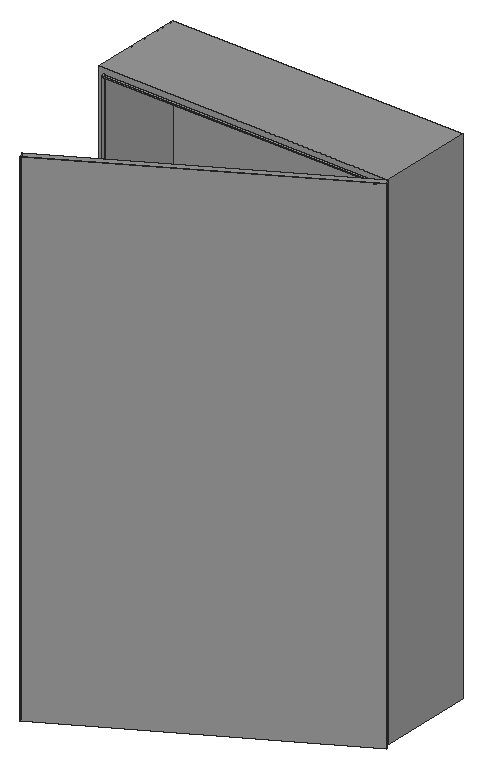
Revit family "Hager-Univers-IP55-D275-H1400-Cl.II-Steel_encl-NoHosted-SE-en", category Equipement électrique, Revit 2020
Family settings
  Configuration du panneau = Deux colonnes, circuits au sein
  Cote de connecteur circulaire = Utiliser le diamètre
  Type d'élément = Tableau de raccordement
  Basée sur le plan de construction = Oui
  Toujours verticalement = Oui
  Couper avec des vides une fois chargée = Non
  Partagée = Non
  Point de calcul de pièce = Non
Parameters (values of type "Surface mounted (plaster) IP55 W800 H1400 D275  - FR93S")
  Width Control [instance] = if([EF000008 - Width] > Min Width, [EF000008 - Width], Min Width)  # 800 mm
  Commentaires du type = [HG000003 - Range]  # "Univers"
  Thickness Door [instance] = if([EF009171 - Material plate thickness door/cover] > 3 mm, 3 mm, [EF009171 - Material plate thickness door/cover])  # 1.5 mm
  Seal Frame Offset [instance] = 17 mm  # constant formula
  Plinth Visibility [instance] = [HG000027 - Plinth height] > 0 mm  # no
  Min Width [instance] = 100 mm  # constant formula
  Min Depth [instance] = (2 * [EF009170 - Material plate thickness cabinet]) + 1 mm  # 4 mm
  Min Height [instance] = 100 mm  # constant formula
  Internal Frame Depth [instance] = (Door System Depth * 0.5)  # 9 mm
  Panel Name [instance] = ""  # (empty or 0)
  Model = ""
  HG000027 - Plinth height = 0 mm
  HG000026 - Floor standing = no
  HG000024 - Bottom section height = 600 mm
  HG000023 - Double section enclosure = no
  HG000016 - Door 3d visibility [instance] = yes
  HG000015 - Clearance visibility [instance] = no
  HG000014 - Door on the right [instance] = yes
  HG000013 - Door on the left [instance] = not([HG000014 - Door on the right])  # no
  HG000012 - Door swing angle [instance] = 30.00°
  HG000010 - Asymmetric doors = no
  HG000009 - Double swing door = no
  HG000006 - Flush mounted = no
  HG000004 - Manufacturer reference = "FR93S"
  HG000003 - Range = "Univers"
  HG000002 - With door or cover = yes
  Frame Offset Bottom [instance] = 10 mm  # constant formula
  Frame Offset [instance] = 15 mm  # constant formula
  EF015940 - Cover with overpressure release = no
  EF011959 - Degree of protection (NEMA) = ""
  EF009554 - Number of openings for flange plates = 6
  EF009212 - Cover model = "EV000116 - Closed"
  EF009171 - Material plate thickness door/cover = 1.5 mm
  EF009170 - Material plate thickness cabinet = 1.5 mm
  EF008873 - Nominal current (In) = 800 A
  EF007800 - Suitable for lightning protection = no
  EF006306 - With lock = no
  EF006244 - Transparent cover/door = no
  EF005474 - Degree of protection (IP) = "EV006420 - IP55"
  EF004464 - Type of door = "EV002646 - Single"
  EF004427 - Number of modules = 324
  EF004293 - Impact strength = "EV008784 - IK10"
  EF003532 - Suitable for outdoor use = no
  EF002950 - Width in number of modular spacings = 24
  EF001613 - Circuit integrity = "EV000494 - None"
  EF001596 - Material housing = "EV000179 - Steel"
  EF001131 - Internal depth = 275 mm
  EF001088 - Extension possible = yes
  EF000437 - Number of conduit inlets = 6
  EF000339 - Type of cover = "EV004216 - Door"
  EF000266 - Number of rows = 9
  EF000218 - Built-in depth = 0 mm
  EF000118 - With mounting plate = no
  EF000116 - RAL-number = "7035"
  EF000049 - Depth = 275 mm
  EF000040 - Height = 1400 mm
  EF000008 - Width = 800 mm
  EF000007 - Colour = "EV000270 - Grey"
  EF000003 - Mounting method = "EV000384 - Surface mounted (plaster)"
  Door System Leaf Tolerance [instance] = 1.5 mm  # constant formula
  Door System Depth [instance] = 18 mm  # constant formula
  Door Height [instance] = Height Control - [HG000027 - Plinth height]  # 1400 mm
  Description = ""
  Default Elevation = 1219.2 mm
  Connector Offset [instance] = Height Control / 2  # 700 mm
  Fabricant = "Hager"  # constant formula
  Height Control [instance] = if([EF000040 - Height] > Min Height, [EF000040 - Height], Min Height)  # 1400 mm
  Depth Control [instance] = if([EF000049 - Depth] > Min Depth, [EF000049 - Depth], Min Depth)  # 275 mm
  Bottom Top Plate Trim [instance] = 1.5 mm  # constant formula
  Plinth height Ctrl [instance] = if([HG000027 - Plinth height] > 0 mm, [HG000027 - Plinth height], 12 mm)  # 12 mm
Types (5, lengths in mm): name | Width Control | HG000010 - Asymmetric doors | HG000009 - Double swing door | HG000004 - Manufacturer reference | EF009554 - Number of openings for flange plates | EF004464 - Type of door | EF004427 - Number of modules | EF000437 - Number of conduit inlets | EF000008 - Width
  Surface mounted (plaster) IP55 W1050 H1400 D275  - FR94S | 1050 | no | yes | "FR94S" | 8 | "EV003602 - Double" | 432 | 8 | 1050
  Surface mounted (plaster) IP55 W1300 H1400 D275  - FR95S | 1300 | yes | yes | "FR95S" | 10 | "EV003602 - Double" | 540 | 10 | 1300
  Surface mounted (plaster) IP55 W300 H1400 D275  - FR91S | 300 | no | no | "FR91S" | 2 | "EV002646 - Single" | 108 | 2 | 300
  Surface mounted (plaster) IP55 W550 H1400 D275  - FR92S | 550 | no | no | "FR92S" | 4 | "EV002646 - Single" | 216 | 4 | 550
  Surface mounted (plaster) IP55 W800 H1400 D275  - FR93S | 800 | no | no | "FR93S" | 6 | "EV002646 - Single" | 324 | 6 | 800
Reference planes
  plane 1 "Center (Front/Back)": y = 0
  plane 2: z = 0
  plane 3 "Center (Left/Right)": x = 0
  plane 4: y = 0
  plane 5: y = 0
  plane 6: z = 0
  plane 7: x = -400
  plane 8: x = 400
  plane 9: x = 398.5
  plane 10: x = -398.5
  plane 11: z = 0
  plane 12: z = 1.5
  plane 13: y = -275
  plane 14: y = -1.5
  plane 15: x = 0
  plane 16: y = -257
  plane 17: y = -273.5
  plane 18: y = -255.5
  plane 19: x = -383.5
  plane 20: x = 383.5
  plane 21: z = 11.5
  plane 22: x = -383
  plane 23: x = 383
  plane 24: z = 0
  plane 25: z = 1400
  plane 26: z = 1400
  plane 27: z = 1383.5
  plane 28: z = 1398.5
Forms (mm)
  Extrusion 1, solid, material "Hager_Steel_RAL7035_Light_Grey", detail levels medium+fine
    sketch origin (-208.679, -4572, 0) x (-1, 0, 0) y (0, -1, 0)
      loop
        line (191.321, -4315) -> (-608.679, -4315) -> (-608.679, -4572) -> (191.321, -4572) -> (191.321, -4315)
    from 0 to 1400
  Extrusion 2, void
    sketch origin (-350.771, -275, 1219.2) x (1, 0, 0) y (0, 0, 1)
      loop
        line (-47.729, 179.3) -> (-47.729, -1217.7) -> (749.271, -1217.7) -> (749.271, 179.3) -> (-47.729, 179.3)
    from -19.5 to -273.5
  Extrusion 3, void
    sketch origin (-290.084, -257, 1219.2) x (1, 0, 0) y (0, 0, 1)
      loop
        line (-93.416, -1207.7) -> (673.584, -1207.7) -> (673.584, 164.3) -> (-93.416, 164.3) -> (-93.416, -1207.7)
    from 0 to -1.5
  Extrusion 4, solid, material "Hager_Steel_RAL7035_Light_Grey", visible <- "Plinth Visibility", detail levels medium+fine
    sketch origin (0, 0, 0) x (1, 0, 0) y (0, 1, 0)
      loop
        line (-400, 0) -> (-400, -257) -> (400, -257) -> (400, 0) -> (-400, 0)
    from 0 to 12 <- "Plinth height Ctrl"
  Extrusion 5, solid, material "Hager_Steel_RAL7035_Light_Grey", detail levels coarse
    sketch origin (0, 0, 0) x (1, 0, 0) y (0, 1, 0)
      loop
        line (-400, 0) -> (-400, -275) -> (400, -275) -> (400, 0) -> (-400, 0)
    from 0 to 1400 <- "Height Control"
  Sweep 6, void
    path in 3D
      loop
        line (-400, -257, 12) -> (400, -257, 12) -> (400, 0, 12) -> (-400, 0, 12) -> (-400, -257, 12)
    profile origin (-400, -128.5, 12) x (1, 0, 0) y (0, 0, 1)
      loop
        line (0, 0) -> (0, -1.5) -> (1.5, -1.5)
        arc (1.5, -1.5) -> (1.061, -0.439) -> (0, 0) r 1.5
  Extrusion 7, solid, material "Hager_Steel_RAL7035_Light_Grey", detail levels fine
    sketch origin (-400, -257, 0) x (1, 0, 0) y (0, 0, 1)
      loop
        line (16.5, 11.5) -> (783.5, 11.5) -> (783.5, 1383.5) -> (16.5, 1383.5) -> (16.5, 11.5)
      loop
        line (15, 10) -> (785, 10) -> (785, 1385) -> (15, 1385) -> (15, 10)
    from 0 to 9 <- "Internal Frame Depth"
Cuts and joins
  Extrusion 2, Extrusion 3 cuts Extrusion 1
  Sweep 6 cuts Extrusion 4
Lines and regions (mm)
  Masking region 1
    outline origin (0, 0, 0) x (1, 0, 0) y (0, 1, 0)
      loop
        line (-400, 0) -> (-400, -275) -> (400, -275) -> (400, 0) -> (-400, 0)
  Masking region 2, detail levels coarse
    outline origin (-290.084, -257, 1219.2) x (-1, 0, 0) y (0, 0, 1)
      loop
        line (-690.084, -1219.2) -> (109.916, -1219.2) -> (109.916, 180.8) -> (-690.084, 180.8) -> (-690.084, -1219.2)
  Masking region 3, detail levels coarse
    outline origin (0, 0, 0) x (0, 1, 0) y (0, 0, 1)
      loop
        line (0, 0) -> (0, 1400) -> (-275, 1400) -> (-275, 0) -> (0, 0)
  Masking region 4, visible <- "Plinth Visibility", detail levels medium+fine
    outline origin (0, 0, 0) x (0, 1, 0) y (0, 0, 1)
      loop
        line (-1.5, 12) -> (-255.5, 12)
        arc (-255.5, 12) -> (-255.939, 10.939) -> (-257, 10.5) r 1.5
        line (-257, 10.5) -> (-257, 0) -> (0, 0) -> (0, 10.5)
        arc (0, 10.5) -> (-1.061, 10.939) -> (-1.5, 12) r 1.5
  Masking region 5, detail levels medium+fine
    outline origin (0, 0, 594.038) x (0, 1, 0) y (0, 0, 1)
      loop
        line (0, -594.038) -> (0, 805.962) -> (-257, 805.962) -> (-257, -594.038) -> (0, -594.038)
  Masking region 6, detail levels medium+fine
    outline origin (-359.7, -257, 1211.883) x (-1, 0, 0) y (0, 0, 1)
      loop
        line (-759.7, -1211.883) -> (40.3, -1211.883) -> (40.3, 188.117) -> (-759.7, 188.117) -> (-759.7, -1211.883)
  Masking region 7, visible <- "Plinth Visibility", detail levels medium+fine
    outline origin (-320.334, -257, 1041.368) x (-1, 0, 0) y (0, 0, 1)
      loop
        line (-720.334, -1041.368) -> (79.666, -1041.368) -> (79.666, -1030.868)
        arc (79.666, -1030.868) -> (78.606, -1030.429) -> (78.166, -1029.368) r 1.5
        line (78.166, -1029.368) -> (-718.834, -1029.368)
        arc (-718.834, -1029.368) -> (-719.273, -1030.429) -> (-720.334, -1030.868) r 1.5
        line (-720.334, -1030.868) -> (-720.334, -1041.368)
  sketch lines
    curve 1: line (-400, 0, 12) -> (-400, -257, 12)
    curve 2: line (-400, -257, 12) -> (400, -257, 12)
    curve 3: line (400, 0, 12) -> (-400, 0, 12)
    curve 4: line (400, -257, 12) -> (400, 0, 12)
Dimensions and locks
  locked: plane 1 "Center (Front/Back)" to plane 5
  "EF009170 - Material plate thickness cabinet": plane 7 to plane 10
  "EF009170 - Material plate thickness cabinet": plane 8 to plane 9
  equal spacing: plane 7, plane 3 "Center (Left/Right)", plane 8
  "Width Control": plane 7 to plane 8
  "Depth Control": plane 4 to plane 13
  "EF009170 - Material plate thickness cabinet": plane 4 to plane 14
  "Height Control": plane 25 to level
  "HG000027 - Plinth height": plane 11 to level
  "EF009170 - Material plate thickness cabinet": plane 12 to plane 11
  "EF009170 - Material plate thickness cabinet": plane 17 to plane 13
  "EF009170 - Material plate thickness cabinet": plane 18 to plane 16
  "Frame Offset Bottom": plane 21 to plane 12
  "Frame Offset": plane 10 to plane 19
  "Frame Offset": plane 9 to plane 20
  "Door System Depth": plane 16 to plane 13
  "Seal Frame Offset": plane 7 to plane 22
  "Seal Frame Offset": plane 8 to plane 23
  "EF009170 - Material plate thickness cabinet": plane 26 to plane 28
  "Frame Offset": plane 28 to plane 27
  "Connector Offset": plane 2 to connector elem
  "Bottom Top Plate Trim": profile plane to Sweep 6 sketch curve
  "Bottom Top Plate Trim": Sweep 6 sketch curve to Sweep 6 sketch curve
  "Plinth height Ctrl": Masking region 4 sketch curve to level
  "Plinth height Ctrl": Masking region 7 sketch curve to level
  "Thickness Door": Extrusion 7 sketch curve to Extrusion 7 sketch curve  (x4)
  "Bottom Top Plate Trim": radius of Sweep 6 sketch curve
  "Bottom Top Plate Trim": radius of Masking region 4 sketch curve  (x2)
  "Bottom Top Plate Trim": radius of Masking region 7 sketch curve  (x2)
  aligned and locked: Extrusion 2 sketch curve to plane 12
  aligned and locked: Extrusion 2 sketch curve to plane 9
  aligned and locked: Extrusion 2 sketch curve to plane 10
  aligned and locked: Extrusion 2 to plane 14
  aligned and locked: Extrusion 1 sketch curve to plane 4
  aligned and locked: plane 8 to Extrusion 1 sketch curve
  aligned and locked: plane 7 to Extrusion 1 sketch curve
  aligned and locked: Extrusion 2 to plane 18
  aligned and locked: Extrusion 3 sketch curve to plane 19
  aligned and locked: plane 20 to Extrusion 3 sketch curve
  aligned and locked: Extrusion 3 to Extrusion 2
  aligned and locked: Extrusion 3 sketch curve to plane 21
  aligned and locked: plane 3 "Center (Left/Right)" to nested 1
  aligned and locked: Extrusion 1 sketch curve to plane 16
  aligned and locked: Extrusion 4 sketch curve to cut or joined group of Extrusion 1, Extrusion 2, Extrusion 3
  aligned and locked: Masking region 1 sketch curve to plane 7
  aligned and locked: Masking region 1 sketch curve to plane 5
  aligned and locked: Masking region 1 sketch curve to plane 8
  aligned and locked: Masking region 2 sketch curve to level
  aligned and locked: level to Masking region 3 sketch curve
  aligned and locked: plane 1 "Center (Front/Back)" to Masking region 3 sketch curve
  aligned and locked: plane 13 to Masking region 3 sketch curve
  aligned and locked: plane 5 to Masking region 4 sketch curve
  aligned and locked: Masking region 2 sketch curve to plane 8
  aligned and locked: Masking region 2 sketch curve to plane 7
  aligned and locked: plane 7 to nested 2
  aligned and locked: nested 2 to plane 5
  aligned and locked: plane 5 to Masking region 5 sketch curve
  aligned and locked: plane 26 to Masking region 5 sketch curve
  aligned and locked: Extrusion 5 sketch curve to plane 8
  aligned and locked: Extrusion 5 sketch curve to plane 7
  aligned and locked: Extrusion 5 sketch curve to plane 5
  aligned and locked: Extrusion 3 sketch curve to plane 27
  aligned and locked: Extrusion 2 sketch curve to plane 28
  aligned and locked: Masking region 2 to plane 25
  aligned and locked: Extrusion 4 to plane 16
  aligned and locked: profile plane to Sweep 6 sketch curve
  aligned and locked: Masking region 5 sketch curve to plane 24
  aligned and locked: level to Masking region 4 sketch curve
  aligned and locked: Masking region 1 to plane 13
  aligned and locked: nested 1 to plane 16
  aligned and locked: Masking region 3 to plane 25
  aligned and locked: plane 16 to Masking region 4 sketch curve
  aligned and locked: Masking region 5 sketch curve to plane 16
  aligned and locked: plane 24 to plane 11
  aligned and locked: plane 26 to plane 25
  aligned and locked: plane 26 to cut or joined group of Extrusion 1, Extrusion 2, Extrusion 3
  aligned and locked: nested 1 to plane 24
  aligned and locked: Extrusion 1 to Extrusion 3
  aligned and locked: Masking region 6 sketch curve to plane 8
  aligned and locked: Masking region 6 sketch curve to plane 24
  aligned and locked: Masking region 6 sketch curve to plane 7
  aligned and locked: Masking region 6 sketch curve to plane 26
  aligned and locked: Masking region 7 sketch curve to plane 7
  aligned and locked: level to Masking region 7 sketch curve
  aligned and locked: Masking region 7 sketch curve to plane 8
  aligned and locked: Extrusion 7 sketch curve to cut or joined group of Extrusion 1, Extrusion 2, Extrusion 3  (x4)
Automatic sketch dimensions
  plane 19 to Extrusion 3 sketch curve = 0 mm
  Extrusion 3 sketch curve to plane 20 = 0 mm
  Extrusion 3 sketch curve to plane 21 = 0 mm
  Extrusion 4 sketch curve to plane 7 = 0 mm
  Extrusion 4 sketch curve to plane 8 = 0 mm
  Extrusion 4 sketch curve to plane 16 = 0 mm
  Masking region 1 sketch curve to plane 13 = 0 mm
  Masking region 2 sketch curve to plane 25 = 0 mm
  Masking region 3 sketch curve to plane 25 = 0 mm
  Extrusion 5 sketch curve to plane 13 = 0 mm
  profile plane to Sweep 6 sketch curve = 0 mm
Nested families
  nested 1: "EC000058_Univers_Door" at (0, -257, 0), Double <- "HG000009 - Double swing door", Transparent <- "EF006244 - Transparent cover/door", Angle <- "HG000012 - Door swing angle", Door_Right <- "HG000014 - Door on the right", Assymetrical <- "HG000010 - Asymmetric doors", Door <- "HG000002 - With door or cover", Width_Ctrl <- "Width Control", 3d_Door <- "HG000016 - Door 3d visibility", Clearance <- "HG000015 - Clearance visibility", Door_Left <- "HG000013 - Door on the left", Width <- "Width Control", Door_Depth <- "Door System Depth", Leaf_Tolerance <- "Door System Leaf Tolerance", Height <- "Door Height", Lock_Visibility <- "EF006306 - With lock", Thickness <- "Thickness Door", type "EC000058_Univers_Door", detail levels medium+fine
    with min_wh 4 mm, Width_Ctrl 800 mm, Width 800 mm, Transparent no, Thickness 1.5 mm, Seal_Material Hager_Rubber, Lock_Visibility no, Lock_Material Hager_Plastic_RAL9005_Jet_Black, Leaf_Width 800 mm, Leaf_Tolerance_External_Sides 0 mm, Leaf_Tolerance 1.5 mm, Leaf_Offset 0 mm, Leaf_Height 1397 mm, Leaf_2_Width 800 mm, Leaf_2_Offset 400 mm, Leaf_1_Width 800 mm, Leaf_1_Offset 400 mm, Height_Ctrl 1400 mm, Height 1400 mm, Glass_Material Hager_Glass, Double_Clearance_Ctrl no, Double no, Door_Right_Ctrl yes, Door_Right yes, Door_Material Hager_Steel_RAL7035_Light_Grey, Door_Left_Ctrl no, Door_Left no, Door_Depth 18 mm, Door yes, Clearance_Material Hager_Clearance, Clearance_Depth 800 mm, Clearance_Ctrl no, Clearance no, Assymetrical no, Angle 30.00°, 3d_Door yes
  nested 2: "Hager_Enclosure_Symbol" at (-400, 0, 0), Height <- "Depth Control", Width <- "Width Control", type "Hager_Enclosure_Symbol"
    with Width_Ctrl 800 mm, Width 800 mm, Height_Ctrl 275 mm, Height 275 mm, A_Width_Int 18.047 mm, A_Width 216.562 mm, A_Height_Ctrl 240.625 mm, A_Height 240.625 mm
Connectors
  electrical at (0, 0, 700)
    settings: on plane 1 "Center (Front/Back)", index 1, voltage 0 V, apparent load 0 VA, apparent load phase1 0 VA, apparent load phase2 0 VA, apparent load phase3 0 VA, power factor 1, load classification "Other", number of poles 1, system type 30, power factor state 1, is connector primary yes, connector utility no, sub classification motor no, connector description ""
Definition of nested family "EC000058_Univers_Door"
  Parameters (values of type "EC000058_Univers_Door")
    min_wh [instance] = (2 * Thickness) + 1 mm  # 11 mm
    Width_Ctrl [instance] = 400 mm
    Width [instance] = 500 mm
    Transparent [instance] = yes
    Thickness [instance] = 5 mm
    Seal_Material [instance] = none
    Lock_Visibility [instance] = yes
    Lock_Material [instance] = none
    Leaf_Width [instance] = if((Width_Ctrl - 2 * Leaf_Tolerance_External_Sides) > 0 mm, (Width_Ctrl - 2 * Leaf_Tolerance_External_Sides), min_wh)  # 400 mm
    Leaf_Tolerance_External_Sides [instance] = 0 mm  # constant formula
    Leaf_Tolerance [instance] = 1.5 mm
    Leaf_Offset [instance] = 0 mm  # constant formula
    Leaf_Height [instance] = if((Height_Ctrl - 2 * Leaf_Tolerance) > 0 mm, (Height_Ctrl - 2 * Leaf_Tolerance), min_wh)  # 497 mm
    Leaf_2_Width [instance] = if(and(and(Double, Assymetrical), Door_Left), (Leaf_Width / 3) - (Leaf_Tolerance / 2), if(and(and(Double, Assymetrical), Door_Right), (Leaf_Width / 3) * 2 - (Leaf_Tolerance / 2), if(and(Double, not(Assymetrical)), (Leaf_Width / 2) - Leaf_Tolerance, Leaf_Width)))  # 400 mm
    Leaf_2_Offset [instance] = if(and(Double, Assymetrical), Leaf_2_Width / 2, if(and(Double, not(Assymetrical)), Leaf_Width / 4, Leaf_Width / 2))  # 200 mm
    Leaf_1_Width [instance] = if(and(and(Double, Assymetrical), Door_Right), (Leaf_Width / 3) - (Leaf_Tolerance / 2), if(and(and(Double, Assymetrical), Door_Left), (Width / 3) * 2 - (Leaf_Tolerance / 2), if(and(Double, not(Assymetrical)), (Leaf_Width / 2) - Leaf_Tolerance, Leaf_Width)))  # 400 mm
    Leaf_1_Offset [instance] = if(and(Double, Assymetrical), Leaf_1_Width / 2, if(and(Double, not(Assymetrical)), Leaf_Width / 4, Leaf_Width / 2))  # 200 mm
    Height_Ctrl [instance] = if(Height > min_wh, Height, min_wh)  # 500 mm
    Height [instance] = 500 mm
    Glass_Material [instance] = none
    Double_Clearance_Ctrl [instance] = and(Double, Clearance)  # no
    Double [instance] = no
    Door_Right_Ctrl [instance] = and(or(Door_Right, Double), Door)  # yes
    Door_Right [instance] = yes
    Door_Material [instance] = none
    Door_Left_Ctrl [instance] = and(or(Door_Left, Double), Door)  # no
    Door_Left [instance] = no
    Door_Depth [instance] = 30 mm
    Door [instance] = yes
    Default Elevation = 1219.2 mm
    Clearance_Material [instance] = none
    Clearance_Depth [instance] = if(Leaf_1_Width > Leaf_2_Width, Leaf_1_Width, Leaf_2_Width)  # 400 mm
    Clearance_Ctrl [instance] = and(not(Double), Clearance)  # yes
    Clearance [instance] = yes
    Assymetrical [instance] = yes
    Angle [instance] = 30.00°
    3d_Door [instance] = yes
  Reference planes
    plane 1 "Center (Front/Back)": y = 0
    plane 2 "Bottom": z = 0
    plane 3 "Center (Left/Right)": x = 0
    plane 4: z = 500
    plane 5: x = -200
    plane 6: x = 200
    plane 7: z = 500
    plane 8: x = -200
    plane 9: z = 0
    plane 10: x = 200
    plane 11: y = 0
    plane 12: z = 1.5
    plane 13: x = -600
    plane 14: y = -400
    plane 15: x = 600
    plane 16: x = 0
    plane 17: x = 0
    plane 18: x = -200
    plane 19: x = 200
    plane 20: z = 498.5
  Forms (mm)
    Extrusion 1, solid, material <- "Clearance_Material", visible <- "Double_Clearance_Ctrl"
      sketch origin (1200, 0, 0) x (1, 0, 0) y (0, 0, -1)
        loop
          line (-1800, -498.5) -> (-600, -498.5) -> (-600, 0) -> (-1800, 0) -> (-1800, -498.5)
      from 0 to -400
  Dimensions and locks
    equal spacing: plane 5, plane 3 "Center (Left/Right)", plane 6
    "Width_Ctrl": plane 5 to plane 6
    "Leaf_Offset": plane 5 to plane 8
    "Leaf_Offset": plane 6 to plane 10
    "Leaf_Offset": plane 9 to level
    "Leaf_Offset": plane 4 to plane 7
    "Height_Ctrl": plane 4 to level
    "Leaf_Tolerance": plane 12 to plane 9
    locked: plane 11 to plane 1 "Center (Front/Back)"
    "Leaf_1_Offset": plane 18 to plane 16
    "Leaf_2_Offset": plane 17 to plane 19
    "Leaf_1_Width": plane 13 to plane 8
    "Leaf_2_Width": plane 10 to plane 15
    "Clearance_Depth": plane 14 to plane 1 "Center (Front/Back)"
    "Leaf_Tolerance_External_Sides": plane 8 to plane 18
    "Leaf_Tolerance_External_Sides": plane 19 to plane 10
    "Leaf_Tolerance": plane 7 to plane 20
    aligned and locked: level to plane 2 "Bottom"
    aligned and locked: nested 1 to plane 16
    aligned and locked: nested 2 to plane 17
    aligned and locked: Extrusion 1 to plane 13
    aligned and locked: plane 15 to Extrusion 1
    aligned and locked: Extrusion 1 to plane 14
    aligned and locked: plane 12 to nested 1
    aligned and locked: nested 2 to plane 12
    aligned and locked: Extrusion 1 to plane 11
    aligned and locked: plane 20 to Extrusion 1
    aligned and locked: nested 2 to plane 11
    aligned and locked: nested 1 to plane 11
  Automatic sketch dimensions
    Extrusion 1 sketch curve to level = 0 mm
    plane 5 to Extrusion 1 sketch curve = 400 mm
    plane 6 to Extrusion 1 sketch curve = 400 mm
    Extrusion 1 sketch curve to plane 4 = 1.5 mm
  Nested families
    nested 1: "EC000058_Univers_Door_Leaf" at (0, 0, 1.5), Width <- "Leaf_1_Width", visible <- "Door_Left_Ctrl", Leaf_Height <- "Leaf_Height", Angle <- "Angle", 3d_Door <- "3d_Door", Transparent <- "Transparent", Clearance Material <- "Clearance_Material", Clearance <- "Clearance_Ctrl", Door_Material <- "Door_Material", Glass_Material <- "Glass_Material", Door_Depth <- "Door_Depth", Lock_Material <- "Lock_Material", Seal_Material <- "Seal_Material", Lock_Visibility <- "Lock_Visibility", Thickness <- "Thickness", type "EC000058_Univers_Door_Leaf"
      with Width 400 mm, Transparent_Glass_Offset 30 mm, Transparent_Ctrl yes, Transparent yes, Thickness 5 mm, Standard no, Seal_Material none, Seal_D2 8 mm, Seal_D1 1 mm, Offset_Internal_Frame 10 mm, Lock_Width 20 mm, Lock_Visibility_3d yes, Lock_Visibility yes, Lock_Thickness_3 3 mm, Lock_Thickness_2 1 mm, Lock_Thickness_1 3 mm, Lock_Radius_Offset_2 16 mm, Lock_Radius_Offset_1 15 mm, Lock_Radius_2 5 mm, Lock_Radius 6 mm, Lock_Offset 5 mm, Lock_Material none, Lock_Height 80 mm, Lock_Cover_Top_Offset_2d 17 mm, Lock_Cover_Height -65 mm, Leaf_Height 497 mm, Internal_Seal_Thickness 8 mm, Internal_Seal_Depth_2 4.5 mm, Internal_Frame_Depth 25 mm, Glass_Thickness -1 mm, Glass_Offset -2 mm, Glass_Material none, Door_Material none, Door_Depth 30 mm, Clearance Material none, Clearance yes, Angle_Ctrl 30.00°, Angle 30.00°, 3d_Door yes
    nested 2: "EC000058_Univers_Door_Leaf" at (0, 0, 1.5) x (-1, 0, 0) z (0, 0, 1), Width <- "Leaf_2_Width", visible <- "Door_Right_Ctrl", Leaf_Height <- "Leaf_Height", Angle <- "Angle", 3d_Door <- "3d_Door", Transparent <- "Transparent", Clearance Material <- "Clearance_Material", Clearance <- "Clearance_Ctrl", Door_Material <- "Door_Material", Glass_Material <- "Glass_Material", Door_Depth <- "Door_Depth", Lock_Material <- "Lock_Material", Seal_Material <- "Seal_Material", Lock_Visibility <- "Lock_Visibility", Thickness <- "Thickness", type "EC000058_Univers_Door_Leaf"
      with Width 400 mm, Transparent_Glass_Offset 30 mm, Transparent_Ctrl yes, Transparent yes, Thickness 5 mm, Standard no, Seal_Material none, Seal_D2 8 mm, Seal_D1 1 mm, Offset_Internal_Frame 10 mm, Lock_Width 20 mm, Lock_Visibility_3d yes, Lock_Visibility yes, Lock_Thickness_3 3 mm, Lock_Thickness_2 1 mm, Lock_Thickness_1 3 mm, Lock_Radius_Offset_2 16 mm, Lock_Radius_Offset_1 15 mm, Lock_Radius_2 5 mm, Lock_Radius 6 mm, Lock_Offset 5 mm, Lock_Material none, Lock_Height 80 mm, Lock_Cover_Top_Offset_2d 17 mm, Lock_Cover_Height -65 mm, Leaf_Height 497 mm, Internal_Seal_Thickness 8 mm, Internal_Seal_Depth_2 4.5 mm, Internal_Frame_Depth 25 mm, Glass_Thickness -1 mm, Glass_Offset -2 mm, Glass_Material none, Door_Material none, Door_Depth 30 mm, Clearance Material none, Clearance yes, Angle_Ctrl 30.00°, Angle 30.00°, 3d_Door yes
  Definition of nested family "EC000058_Univers_Door_Leaf"
    Parameters (values of type "EC000058_Univers_Door_Leaf")
      Width [instance] = 2000 mm
      Transparent_Glass_Offset [instance] = 30 mm
      Transparent_Ctrl [instance] = and(Transparent, [3d_Door])  # yes
      Transparent [instance] = yes
      Thickness [instance] = 5 mm
      Standard [instance] = and(not(Transparent), [3d_Door])  # no
      Seal_Material [instance] = none
      Seal_D2 [instance] = 8 mm  # constant formula
      Seal_D1 [instance] = 1 mm  # constant formula
      Offset_Internal_Frame [instance] = 10 mm  # constant formula
      Lock_Width [instance] = 20 mm  # constant formula
      Lock_Visibility_3d [instance] = and(Lock_Visibility, [3d_Door])  # yes
      Lock_Visibility [instance] = yes
      Lock_Thickness_3 [instance] = 3 mm  # constant formula
      Lock_Thickness_2 [instance] = 1 mm  # constant formula
      Lock_Thickness_1 [instance] = 3 mm  # constant formula
      Lock_Radius_Offset_2 [instance] = Lock_Radius_Offset_1 + 1 mm  # 16 mm
      Lock_Radius_Offset_1 [instance] = 15 mm  # constant formula
      Lock_Radius_2 [instance] = Lock_Radius - 1 mm  # 5 mm
      Lock_Radius [instance] = 6 mm  # constant formula
      Lock_Offset [instance] = 5 mm  # constant formula
      Lock_Material [instance] = none
      Lock_Height [instance] = 80 mm  # constant formula
      Lock_Cover_Top_Offset_2d [instance] = Lock_Radius_Offset_2 + 1 mm  # 17 mm
      Lock_Cover_Height [instance] = -(Lock_Height - Lock_Radius_Offset_1)  # -65 mm
      Leaf_Height [instance] = 2720.336 mm
      Internal_Seal_Thickness [instance] = 8 mm  # constant formula
      Internal_Seal_Depth_2 [instance] = 4.5 mm  # constant formula
      Internal_Frame_Depth [instance] = if(Door_Depth - Thickness > 5 mm, Door_Depth - Thickness, 5 mm)  # 25 mm
      Glass_Thickness [instance] = if(Thickness > 15 mm, Glass_Offset + 10 mm, -1 mm)  # -1 mm
      Glass_Offset [instance] = if(Thickness > 15 mm, -(Thickness + 10 mm) / 2, -2 mm)  # -2 mm
      Glass_Material [instance] = none
      Door_Material [instance] = none
      Door_Depth [instance] = 30 mm
      Default Elevation = 0 mm
      Clearance Material [instance] = none
      Clearance [instance] = yes
      Angle_Ctrl [instance] = if(Angle > 180.00°, 180.00°, Angle)  # 90.00°
      Angle [instance] = 90.00°
      3d_Door [instance] = yes
    Reference planes
      plane 1 "Center (Front/Back)": y = 0
      plane 2: z = 0
      plane 3 "Center (Left/Right)": x = 0
      plane 4: y = 2000
      plane 5: x = -1000
      plane 6: x = 1000
      plane 7: x = -3000
      plane 8: z = 2720.336
      plane 9: z = 30
      plane 10: z = 2690.336
      plane 11: x = 970
      plane 12: x = -970
      plane 13: y = -3
      plane 14: z = 107.833
      plane 15: y = -5
      plane 16: y = -223.314
      plane 17: x = -1000
      plane 18: z = 1360.168
      plane 19: y = 30
    Forms (mm)
      Extrusion 1, solid, material <- "Clearance Material", visible <- "Clearance"
        sketch origin (0, 0, 0) x (1, 0, 0) y (0, 0, 1)
          loop
            line (-3000, 2720.336) -> (-3000, 0) -> (1000, 0) -> (1000, 2720.336) -> (-3000, 2720.336)
        from 0 to -2000
      Extrusion 2, solid, material <- "Door_Material", visible <- "Standard", detail levels medium+fine
        sketch origin (-1000, 0, 0) x (0, 1, 0) y (-1, 0, 0)
          loop
            line (0, 30) -> (0, 25) -> (2000, 25) -> (2000, 30) -> (0, 30)
        from 0 to 2720.336 <- "Leaf_Height"
      Extrusion 3, solid, material <- "Door_Material", visible <- "Transparent_Ctrl", detail levels medium+fine
        sketch origin (-1000, 0, 0) x (0, 1, 0) y (-1, 0, 0)
          loop
            line (0, 25) -> (2000, 25) -> (2000, 30) -> (0, 30) -> (0, 25)
        from 0 to 2720.336 <- "Leaf_Height"
      Extrusion 4, void
        sketch origin (-1025, 2000, 0) x (0, 1, 0) y (0, 0, -1)
          loop
            line (-30, -2690.336) -> (-30, -30) -> (-1970, -30) -> (-1970, -2690.336) -> (-30, -2690.336)
        from 0 to 5 <- "Thickness"
      Sweep 5, solid, material <- "Seal_Material", visible <- "Transparent_Ctrl", detail levels fine
        path in 3D
          loop
            line (-1025, 30, 30) -> (-1025, 30, 2690.336) -> (-1025, 1970, 2690.336) -> (-1025, 1970, 30) -> (-1025, 30, 30)
        profile origin (-1025, 1000, 30) x (1, 0, 0) y (0, 0, 1)
          loop
            line (0, 0) -> (0, -8) -> (1, -8) -> (1, 0) -> (0, 0)
      Extrusion 6, solid, material <- "Glass_Material", visible <- "Transparent_Ctrl", detail levels medium+fine
        sketch origin (-1030, 0, 0) x (0, 1, 0) y (0, 0, -1)
          loop
            line (1970, -2690.336) -> (1970, -30) -> (30, -30) -> (30, -2690.336) -> (1970, -2690.336)
        from -2 <- "Glass_Offset" to -1 <- "Glass_Thickness"
      Extrusion 7, solid, material <- "Door_Material", visible <- "3d_Door", detail levels medium+fine
        sketch origin (-1025, 2000, 0) x (0, -1, 0) y (0, 0, -1)
          loop
            line (0, -2720.336) -> (2000, -2720.336) -> (2000, 0) -> (0, 0) -> (0, -2720.336)
          loop
            line (1995, -5) -> (5, -5) -> (5, -2715.336) -> (1995, -2715.336) -> (1995, -5)
        from 0 to 25 <- "Internal_Frame_Depth"
      Sweep 8, solid, material <- "Seal_Material", visible <- "Transparent_Ctrl", detail levels fine
        path in 3D
          loop
            line (-1025, 0, 0) -> (-1025, 2000, 0) -> (-1025, 2000, 2720.336) -> (-1025, 0, 2720.336) -> (-1025, 0, 0)
        profile origin (-1025, 0, 1360.168) x (1, 0, 0) y (0, 1, 0)
          loop
            line (0, 10) -> (2.975, 10)
            arc (2.975, 10) -> (4.053, 10.447) -> (4.5, 11.525) r 1.525
            line (4.5, 11.525) -> (4.5, 16.527)
            arc (4.5, 16.527) -> (4.069, 17.569) -> (3.027, 18) r 1.473
            line (3.027, 18) -> (0, 18) -> (0, 10)
      Extrusion 9, solid, material <- "Lock_Material", visible <- "Lock_Visibility_3d", detail levels fine
        sketch origin (-1030, 0, 0) x (0, 1, 0) y (0, 0, -1)
          loop
            arc (1993.5, -1400.168) -> (1994.561, -1399.729) -> (1995, -1398.668) r 1.5
            line (1995, -1398.668) -> (1995, -1320.168) -> (1975, -1320.168) -> (1975, -1398.668)
            arc (1975, -1398.668) -> (1975.439, -1399.729) -> (1976.5, -1400.168) r 1.5
            line (1976.5, -1400.168) -> (1993.5, -1400.168)
        from 3 <- "Lock_Thickness_1" to 0
      Blend 10, solid, material <- "Lock_Material", visible <- "Lock_Visibility_3d", detail levels fine
        base sketch origin (-1033, 0, 0) x (0, 1, 0) y (0, 0, -1)
          loop
            line (1975, -1320.168) -> (1975, -1398.668)
            arc (1975, -1398.668) -> (1975.439, -1399.729) -> (1976.5, -1400.168) r 1.5
            line (1976.5, -1400.168) -> (1993.5, -1400.168)
            arc (1993.5, -1400.168) -> (1994.561, -1399.729) -> (1995, -1398.668) r 1.5
            line (1995, -1398.668) -> (1995, -1320.168) -> (1975, -1320.168)
        top sketch origin (-1033, 0, 0) x (0, 1, 0) y (0, 0, -1)
          loop
            line (1976, -1320.168) -> (1976, -1398.668)
            arc (1976, -1398.668) -> (1976.146, -1399.022) -> (1976.5, -1399.168) r 0.5
            line (1976.5, -1399.168) -> (1993.5, -1399.168)
            arc (1993.5, -1399.168) -> (1993.854, -1399.022) -> (1994, -1398.668) r 0.5
            line (1994, -1398.668) -> (1994, -1320.168) -> (1976, -1320.168)
        from 0 to 1 <- "Lock_Thickness_2"
      Blend 11, solid, material <- "Lock_Material", visible <- "Lock_Visibility_3d", detail levels fine
        base sketch origin (-1034, 0, 0) x (0, 1, 0) y (0, 0, -1)
          loop
            line (1978, -1320.168) -> (1978, -1384.168)
            arc (1978, -1384.168) -> (1985, -1391.168) -> (1992, -1384.168) r 7
            line (1992, -1384.168) -> (1992, -1320.168) -> (1978, -1320.168)
        top sketch origin (-1034, 0, 0) x (0, 1, 0) y (0, 0, -1)
          loop
            line (1991, -1320.168) -> (1979, -1320.168) -> (1979, -1383.168)
            arc (1979, -1383.168) -> (1985, -1389.168) -> (1991, -1383.168) r 6
            line (1991, -1383.168) -> (1991, -1320.168)
        from 0 to 3 <- "Lock_Thickness_3"
      Extrusion 12, solid, material <- "Lock_Material", visible <- "Lock_Visibility_3d", detail levels fine
        sketch origin (-1030, 1975, 1320.168) x (1, 0, 0) y (0, -1, 0)
          loop
            line (-7, -19) -> (-7, -1) -> (0, -1) -> (0, 0) -> (-8, 0) -> (-8, -20) -> (0, -20) -> (0, -19) -> (-7, -19)
        from 0 to -65 <- "Lock_Cover_Height"
      Extrusion 13, void
        sketch origin (-1038, 1995, 1320.168) x (-1, 0, 0) y (0, 0, -1)
          loop
            line (-5, -65) -> (0, -65) -> (-5, -60) -> (-5, -65)
        from 0 to 20 <- "Lock_Width"
      Extrusion 14, void
        sketch origin (-1038, 1975, 1320.168) x (0, -1, 0) y (0, 0, -1)
          loop
            circle (-10, -15.995) r 6
          loop
            circle (-10, -15.995) r 5
        from 0 to 2
      Extrusion 15, solid, material <- "Lock_Material", visible <- "Lock_Visibility_3d", detail levels medium
        sketch origin (-1030, 0, 0) x (0, 1, 0) y (0, 0, -1)
          loop
            arc (1993.5, -1400.168) -> (1994.561, -1399.729) -> (1995, -1398.668) r 1.5
            line (1995, -1398.668) -> (1995, -1320.168) -> (1975, -1320.168) -> (1975, -1398.668)
            arc (1975, -1398.668) -> (1975.439, -1399.729) -> (1976.5, -1400.168) r 1.5
            line (1976.5, -1400.168) -> (1993.5, -1400.168)
        from 8 to 0
    Cuts and joins
      Extrusion 4 cuts Extrusion 3
      Extrusion 13, Extrusion 14 cuts Extrusion 9
      Extrusion 14 cuts Blend 11
      Extrusion 13, Extrusion 14 cuts Extrusion 12
      joined: Extrusion 9, Blend 10, Blend 11, Extrusion 12
      Extrusion 14 cuts Extrusion 15
    Lines and regions (mm)
      Masking region 1, visible <- "Lock_Visibility", detail levels fine
        outline origin (0, 0, 0) x (0, 1, 0) y (0, 0, 1)
          loop
            line (30, 1320.168) -> (33, 1320.168) -> (33, 1400.168) -> (30, 1400.168) -> (30, 1320.168)
      Masking region 2, visible <- "Lock_Visibility", detail levels fine
        outline origin (0, 3.143, 0) x (0, 1, 0) y (0, 0, 1)
          loop
            line (29.857, 1354.168) -> (30.857, 1354.168) -> (30.857, 1366.168) -> (29.857, 1366.168) -> (29.857, 1354.168)
      Masking region 3, detail levels medium+fine
        outline origin (0, 0, 0) x (0, 1, 0) y (0, 0, 1)
          loop
            line (0, 0) -> (30, 0) -> (30, 2720.336) -> (0, 2720.336) -> (0, 0)
      Masking region 4, detail levels medium+fine
        outline origin (0, 0, 0) x (1, 0, 0) y (0, 0, 1)
          loop
            line (-1000, 2720.336) -> (-1000, 0) -> (1000, 0) -> (1000, 2720.336) -> (-1000, 2720.336)
      Masking region 5, visible <- "Lock_Visibility", detail levels fine
        outline origin (-47.116, 0, 0) x (1, 0, 0) y (0, 0, 1)
          loop
            arc (1024.616, 1399.168) -> (1023.556, 1398.729) -> (1023.116, 1397.668) r 1.5
            line (1023.116, 1397.668) -> (1023.116, 1320.168) -> (1041.116, 1320.168) -> (1041.116, 1397.668)
            arc (1041.116, 1397.668) -> (1040.677, 1398.729) -> (1039.616, 1399.168) r 1.5
            line (1039.616, 1399.168) -> (1024.616, 1399.168)
      Masking region 6, visible <- "Lock_Visibility", detail levels medium+fine
        outline origin (-25, 0, 0) x (1, 0, 0) y (0, 0, 1)
          loop
            arc (1001.5, 1400.168) -> (1000.439, 1399.729) -> (1000, 1398.668) r 1.5
            line (1000, 1398.668) -> (1000, 1320.168) -> (1020, 1320.168) -> (1020, 1398.668)
            arc (1020, 1398.668) -> (1019.561, 1399.729) -> (1018.5, 1400.168) r 1.5
            line (1018.5, 1400.168) -> (1001.5, 1400.168)
      Masking region 7, visible <- "Lock_Visibility", detail levels fine
        outline origin (-73.735, 0, 0) x (1, 0, 0) y (0, 0, 1)
          loop
            line (1051.735, 1382.168) -> (1065.735, 1382.168) -> (1065.735, 1384.168)
            arc (1065.735, 1384.168) -> (1058.735, 1391.168) -> (1051.735, 1384.168) r 7
            line (1051.735, 1384.168) -> (1051.735, 1382.168)
      Masking region 8, visible <- "Lock_Visibility", detail levels fine
        outline origin (-73.735, 0, 0) x (1, 0, 0) y (0, 0, 1)
          loop
            line (1052.735, 1382.168) -> (1064.735, 1382.168) -> (1064.735, 1383.168)
            arc (1064.735, 1383.168) -> (1058.735, 1389.168) -> (1052.735, 1383.168) r 6
            line (1052.735, 1383.168) -> (1052.735, 1382.168)
      Masking region 9, visible <- "Lock_Visibility", detail levels fine
        outline origin (-25, 0, 0) x (1, 0, 0) y (0, 0, 1)
          loop
            line (1020, 1320.168) -> (1020, 1382.168) -> (1000, 1382.168) -> (1000, 1320.168) -> (1020, 1320.168)
      Masking region 10, detail levels medium+fine
        outline origin (0, 0, 0) x (1, 0, 0) y (0, 0, 1)
          loop
            circle (985, 1335.144) r 6
      Masking region 11, detail levels fine
        outline origin (0, 0, 0) x (1, 0, 0) y (0, 0, 1)
          loop
            circle (985, 1335.144) r 5
      Masking region 12, visible <- "Lock_Visibility", detail levels fine
        outline origin (0, 12.767, 0) x (0, 1, 0) y (0, 0, 1)
          loop
            line (20.233, 1320.168) -> (21.233, 1320.168) -> (21.233, 1399.168) -> (20.233, 1400.168) -> (20.233, 1320.168)
      Masking region 13, visible <- "Lock_Visibility", detail levels fine
        outline origin (0, 13.767, -10) x (0, 1, 0) y (0, 0, 1)
          loop
            line (20.233, 1330.168) -> (23.233, 1330.168) -> (23.233, 1399.168) -> (20.233, 1402.168) -> (20.233, 1330.168)
      Masking region 14, visible <- "Lock_Visibility", detail levels fine
        outline origin (0, 12.767, -10) x (0, 1, 0) y (0, 0, 1)
          loop
            line (20.233, 1330.168) -> (25.233, 1330.168) -> (25.233, 1399.305) -> (20.233, 1394.305) -> (20.233, 1330.168)
      Masking region 15, visible <- "Lock_Visibility", detail levels medium
        outline origin (0, 0, 0) x (0, 1, 0) y (0, 0, 1)
          loop
            line (30, 1320.168) -> (38, 1320.168) -> (38, 1400.168) -> (30, 1400.168) -> (30, 1320.168)
      Masking region 16, visible <- "Lock_Visibility", detail levels fine
        outline origin (-1000, 0, 0) x (0, 1, 0) y (-1, 0, 0)
          loop
            line (1975, 30) -> (1995, 30) -> (1995, 38) -> (1975, 38) -> (1975, 30)
          loop
            line (1979, 37) -> (1976, 37) -> (1976, 34) -> (1978, 34) -> (1979, 37)
          loop
            line (1994, 37) -> (1991, 37) -> (1992, 34) -> (1994, 34) -> (1994, 37)
      Masking region 17, visible <- "Lock_Visibility", detail levels medium
        outline origin (-1000, 0, 0) x (0, 1, 0) y (-1, 0, 0)
          loop
            line (1975, 30) -> (1995, 30) -> (1995, 38) -> (1975, 38) -> (1975, 30)
      symbolic lines
        curve 1: line (1000, 0, 0) -> (-3000, 0, 0)
        curve 2: arc (1000, 0, 0) -> (-1000, 2000, 0) -> (-3000, 0, 0) r 2000
        curve 4: line (-1030, 0, 0) -> (-1030, 2000, 0)
      reference lines
        curve 3: line (-1000, 0, 0) -> (-1000, 2000, 0)
      symbolic lines, detail levels medium+fine
        curve 5: line (-1030, 2000, 0) -> (-1025, 2000, 0)
        curve 7: line (-1025, 0, 0) -> (-1030, 0, 0)
        curve 8: line (-1025, 0, 0) -> (-1000, 0, 0)
        curve 9: line (-1000, 0, 0) -> (-1000, 2000, 0)
        curve 10: line (-1000, 2000, 0) -> (-1025, 2000, 0)
      symbolic lines, detail levels fine
        curve 6: line (-1025, 2000, 0) -> (-1025, 0, 0)
      sketch lines
        curve 11: line (-1025, 0, 2720.336) -> (-1025, 0, 0)
        curve 12: line (-1025, 2000, 0) -> (-1025, 0, 0)
        curve 13: line (-1025, 2000, 2720.336) -> (-1025, 2000, 0)
        curve 14: line (-1025, 0, 2720.336) -> (-1025, 2000, 2720.336)
        curve 15: line (-1025, 1970, 30) -> (-1025, 30, 30)
        curve 16: line (-1025, 30, 30) -> (-1025, 30, 2690.336)
        curve 17: line (-1025, 1970, 2690.336) -> (-1025, 1970, 30)
        curve 18: line (-1025, 30, 2690.336) -> (-1025, 1970, 2690.336)
      symbolic lines, visible <- "Transparent", detail levels medium+fine
        curve 19: line (-970, 0, 2690.336) -> (970, 0, 2690.336)
        curve 20: line (-970, 0, 30) -> (-970, 0, 2690.336)
        curve 21: line (970, 0, 30) -> (-970, 0, 30)
        curve 22: line (970, 0, 2690.336) -> (970, 0, 30)
    Dimensions and locks
      "Width": plane 1 "Center (Front/Back)" to plane 4
      equal spacing: plane 5, plane 3 "Center (Left/Right)", plane 6
      "Width": plane 5 to plane 6
      "Width": plane 7 to plane 5
      "Leaf_Height": plane 8 to level
      "Width": curve 5 to curve 3
      "Width": curve 3 to curve 3
      plane 8 to plane 10 = 30 mm
      plane 9 to level = 30 mm
      plane 12 to plane 5 = 30 mm
      plane 6 to plane 11 = 30 mm
      Extrusion 1 to Extrusion 4 sketch curve = 30 mm
      "Transparent_Glass_Offset": curve 3 to Extrusion 4 sketch curve
      "Transparent_Glass_Offset": Extrusion 4 sketch curve to cut or joined group of Extrusion 3, Extrusion 4  (x2)
      cut or joined group of Extrusion 3, Extrusion 4 to Extrusion 6 sketch curve = 30 mm
      "Transparent_Glass_Offset": cut or joined group of Extrusion 3, Extrusion 4 to Extrusion 4 sketch curve
      "Thickness": curve 6 to curve 4
      "Thickness": Extrusion 7 sketch curve to Extrusion 7 sketch curve  (x4)
      "Door_Depth": curve 4 to curve 3
      "Offset_Internal_Frame": profile plane to Sweep 8 sketch curve
      "Internal_Seal_Thickness": Sweep 8 sketch curve to Sweep 8 sketch curve
      "Internal_Seal_Depth_2": profile plane to Sweep 8 sketch curve
      "Seal_D1": profile plane to Sweep 5 sketch curve
      "Seal_D2": profile plane to Sweep 5 sketch curve
      "Thickness": Extrusion 2 sketch curve to Extrusion 2 sketch curve
      equal spacing: Extrusion 9 sketch curve, plane 18, Extrusion 9 sketch curve  (x2)
      equal spacing: Masking region 1 sketch curve, plane 18, Masking region 1 sketch curve
      "Lock_Height": Masking region 1 sketch curve to Masking region 1 sketch curve
      "Lock_Radius": Masking region 2 sketch curve to plane 18 to Masking region 2 sketch curve
      Masking region 2 sketch curve to Masking region 1 = 1 mm
      "Door_Depth": plane 19 to plane 1 "Center (Front/Back)"
      "Lock_Thickness_1": Masking region 1 sketch curve to plane 19
      "Lock_Width": Extrusion 9 sketch curve to Extrusion 9 sketch curve
      "Lock_Height": Extrusion 9 sketch curve to Extrusion 9 sketch curve
      "Lock_Offset": cut or joined group of Extrusion 3, Extrusion 4 to Extrusion 9 sketch curve
      equal spacing: plane 8, plane 18, level
      "Lock_Radius_Offset_1": Blend 11 sketch curve to Blend 10
      locked: Blend 10 to Blend 11 sketch curve at 2  (x2)
      locked: var sketch to Blend 11 sketch curve at 1  (x2)
      "Lock_Radius_Offset_2": Blend 11 sketch curve to Blend 10
      locked: Extrusion 12 sketch curve to Extrusion 12 sketch curve at 1  (x3)
      Masking region 6 sketch curve to Masking region 6 sketch curve = 80 mm
      "Lock_Height": Masking region 6 sketch curve to Masking region 6 sketch curve
      "Lock_Width": Masking region 6 sketch curve to Masking region 6 sketch curve
      locked: Masking region 6 to Masking region 5 sketch curve at 1  (x3)
      locked: Masking region 5 to Masking region 7 sketch curve at 2  (x2)
      "Lock_Radius_Offset_1": Masking region 5 to Masking region 7 sketch curve
      "Lock_Radius_Offset_2": Masking region 5 to Masking region 8 sketch curve
      locked: Masking region 7 to Masking region 8 sketch curve at 1  (x2)
      "Lock_Cover_Top_Offset_2d": Masking region 5 to Masking region 9 sketch curve
      equal spacing: Masking region 9, Masking region 10 sketch curve, Masking region 9
      equal spacing: Masking region 9, Masking region 11 sketch curve, Masking region 9
      Extrusion 15 sketch curve to Extrusion 15 sketch curve = 80 mm
      "Lock_Width": Extrusion 15 sketch curve to Extrusion 15 sketch curve
      "Lock_Height": Extrusion 15 sketch curve to Extrusion 15 sketch curve
      equal spacing: Extrusion 15 sketch curve, plane 18, Extrusion 15 sketch curve
      "Lock_Thickness_3": Masking region 13 sketch curve to Masking region 13 sketch curve
      "Lock_Height": Masking region 12 sketch curve to Masking region 12 sketch curve
      locked: Masking region 13 sketch curve to Masking region 1 at 8
      locked: Masking region 14 sketch curve to Masking region 13 at 1
      locked: Masking region 14 sketch curve to Masking region 1 at 10.863
      "Lock_Height": Masking region 15 sketch curve to Masking region 15 sketch curve
      "Lock_Offset": Extrusion 15 sketch curve to cut or joined group of Extrusion 3, Extrusion 4
      "Lock_Offset": plane 6 to Masking region 6 sketch curve
      radius of Sweep 8 sketch curve = 1.525 mm
      radius of Sweep 8 sketch curve = 1.473 mm
      radius of Extrusion 9 sketch curve = 1.5 mm  (x2)
      "Lock_Radius": radius of Extrusion 14 sketch curve
      "Lock_Radius_2": radius of Extrusion 14 sketch curve
      "Lock_Radius": radius of Masking region 10 sketch curve
      "Lock_Radius_2": radius of Masking region 11 sketch curve
      radius of Extrusion 15 sketch curve = 1.5 mm  (x2)
      "Angle_Ctrl": angle plane 1 "Center (Front/Back)" to curve 3
      locked: Masking region 12 sketch curve to Masking region 12 sketch curve (angle 45.00°)
      locked: Masking region 13 sketch curve to Masking region 13 sketch curve (angle 45.00°)
      locked: Masking region 14 sketch curve to Masking region 14 sketch curve (angle 45.00°)
      aligned and locked: level to plane 2
      aligned and locked: Extrusion 1 to curve 1
      aligned and locked: plane 6 to Extrusion 1
      aligned and locked: Extrusion 1 to plane 1 "Center (Front/Back)"
      aligned and locked: plane 4 to Extrusion 1
      aligned and locked: plane 8 to Extrusion 1
      aligned and locked: curve 7 to Extrusion 2 sketch curve
      aligned and locked: curve 5 to Extrusion 2 sketch curve
      aligned and locked: curve 7 to Extrusion 3 sketch curve
      aligned and locked: Extrusion 3 sketch curve to curve 4
      aligned and locked: Extrusion 3 sketch curve to curve 6
      aligned and locked: Extrusion 3 sketch curve to curve 5
      aligned and locked: curve 9 to curve 3
      aligned and locked: Extrusion 7 sketch curve to cut or joined group of Extrusion 3, Extrusion 4  (x4)
      aligned and locked: plane 17 to curve 3
      aligned and locked: plane 1 "Center (Front/Back)" to curve 3
      aligned and locked: plane 17 to plane 5
      aligned and locked: Sweep 8 sketch curve to profile plane
      aligned and locked: Sweep 5 sketch curve to profile plane  (x2)
      aligned and locked: Masking region 1 to Masking region 2 sketch curve
      aligned and locked: plane 19 to Masking region 1 sketch curve
      aligned and locked: plane 1 "Center (Front/Back)" to Masking region 3 sketch curve
      aligned and locked: plane 19 to Masking region 3 sketch curve
      aligned and locked: level to Masking region 3 sketch curve
      aligned and locked: Masking region 3 sketch curve to plane 8
      aligned and locked: plane 17 to Masking region 4 sketch curve
      aligned and locked: level to Masking region 4 sketch curve
      aligned and locked: Masking region 4 sketch curve to plane 8
      aligned and locked: plane 12 to curve 20
      aligned and locked: plane 10 to curve 19
      aligned and locked: plane 11 to curve 22
      aligned and locked: curve 21 to plane 9
      aligned and locked: Extrusion 2 sketch curve to cut or joined group of Extrusion 3, Extrusion 4
      aligned and locked: Blend 10 sketch curve to Extrusion 9  (x4)
      aligned and locked: Extrusion 9 to Blend 10 sketch curve
      aligned and locked: Blend 10 to Blend 11 sketch curve
      aligned and locked: Extrusion 12 sketch curve to Blend 11
      aligned and locked: Extrusion 12 sketch curve to Extrusion 9  (x4)
      aligned and locked: Masking region 5 sketch curve to Masking region 6
      aligned and locked: Masking region 9 sketch curve to Masking region 6  (x3)
      aligned and locked: Masking region 12 sketch curve to Masking region 1
      aligned and locked: Masking region 13 sketch curve to Masking region 1
      aligned and locked: Masking region 12 to Masking region 14
      aligned and locked: Masking region 14 sketch curve to Masking region 1
      aligned and locked: Masking region 15 sketch curve to Masking region 14
      aligned and locked: Masking region 13 sketch curve to Masking region 12
      aligned and locked: Masking region 16 sketch curve to cut or joined group of Extrusion 14, Extrusion 15  (x4)
      aligned and locked: Masking region 16 sketch curve to cut or joined group of Extrusion 9, Blend 10, Blend 11, Extrusion 12, Extrusion 13, Extrusion 14  (x6)
      aligned and locked: cut or joined group of Extrusion 9, Blend 10, Blend 11, Extrusion 12, Extrusion 13, Extrusion 14 to Masking region 16 sketch curve
      aligned and locked: Masking region 17 sketch curve to cut or joined group of Extrusion 14, Extrusion 15  (x3)
      aligned and locked: Masking region 17 sketch curve to cut or joined group of Extrusion 9, Blend 10, Blend 11, Extrusion 12, Extrusion 13, Extrusion 14
      aligned and locked: Masking region 9 to Masking region 8 sketch curve
      aligned and locked: Masking region 9 to Masking region 7 sketch curve
    Automatic sketch dimensions
      plane 1 "Center (Front/Back)" to curve 2 = 0 mm
      curve 2 to plane 5 = 0 mm
      Extrusion 1 sketch curve to level = 0 mm
      Extrusion 1 sketch curve to plane 7 = 0 mm
      Extrusion 1 sketch curve to plane 6 = 0 mm
      Extrusion 1 sketch curve to plane 8 = 0 mm
      Extrusion 3 to Extrusion 6 sketch curve = 30 mm  (x4)
      Masking region 4 sketch curve to plane 6 = 0 mm
      Blend 10 sketch curve to Extrusion 9 = 1.5 mm
      Blend 10 sketch curve to Extrusion 9 = 1 mm
      Extrusion 13 sketch curve to Extrusion 12 = 0 mm  (x2)
      Extrusion 12 to Extrusion 13 sketch curve = 3 mm
      Extrusion 13 sketch curve to Extrusion 12 = 5 mm
      Extrusion 14 sketch curve to Extrusion 14 sketch curve = 0 mm  (x2)
      Extrusion 14 sketch curve to Extrusion 12 = 10 mm
      Extrusion 14 sketch curve to Extrusion 12 = 15.995 mm
      Masking region 5 sketch curve to Masking region 5 sketch curve = 1.5 mm  (x2)
      Masking region 10 sketch curve to plane 18 = 25.024 mm
      Masking region 11 sketch curve to plane 18 = 25.024 mm
      plane 19 to Masking region 14 sketch curve = 3 mm
      Masking region 16 sketch curve to Masking region 16 sketch curve = 3 mm
      curve 4 to curve 3 = 0 mm
      Blend 10 to Blend 11 sketch curve = 0 mm
      Masking region 6 sketch curve to Masking region 6 sketch curve = 1.5 mm  (x2)
      Masking region 6 sketch curve to plane 18 = 40 mm
      plane 19 to Masking region 12 sketch curve = 3 mm
      Masking region 12 sketch curve to Masking region 12 sketch curve = 1 mm
      Masking region 15 sketch curve to plane 19 = 0 mm
      Masking region 15 sketch curve to plane 18 = 40 mm
      radius of Blend 10 sketch curve to Extrusion 9 = 1 mm
Definition of nested family "Hager_Enclosure_Symbol"
  Parameters (values of type "Hager_Enclosure_Symbol")
    Width_Ctrl [instance] = if(Width > 1 mm, Width, 1 mm)  # 102.27 mm
    Width [instance] = 102.27 mm
    Height_Ctrl [instance] = if(Height > 1 mm, Height, 1 mm)  # 66.5 mm
    A_Width_Int [instance] = if(A_Width / 12 > 2 mm, A_Width / 12, 2 mm)  # 4.364 mm
    A_Width [instance] = if(A_Height_Ctrl * 0.9 > 2 mm, A_Height_Ctrl * 0.9, 2 mm)  # 52.369 mm
    A_Height_Ctrl [instance] = if(A_Height > 2 mm, A_Height, 2 mm)  # 58.188 mm
    Height [instance] = 66.5 mm
    A_Height [instance] = Height - (Height / 8)  # 58.188 mm
  Reference planes
    plane 1 "Centre (avant/arrière)": y = 0
    plane 2: z = 0
    plane 3 "Centre (gauche/droite)": x = 0
    plane 4: x = 52.369
    plane 5: y = 33.042
    plane 6: y = 41.77
    plane 7: y = 66.5
    plane 8: x = 26.184
    plane 9: y = 37.406
    plane 10: x = 102.27
    plane 11: y = 66.5
    plane 12: y = 8.313
  Lines and regions (mm)
    Filled region 1, type "Solid_Black", in view "Niveau de réf."
      outline origin (0, 0, 0) x (1, 0, 0) y (0, 1, 0)
        loop
          line (52.369, 66.5) -> (33.188, 54.536) -> (45.365, 45.006) -> (52.369, 66.5)
    Filled region 2, type "Solid_Black", in view "Niveau de réf."
      outline origin (0, 0, 0) x (1, 0, 0) y (0, 1, 0)
        loop
          line (0, 0) -> (102.27, 0) -> (102.27, 66.5) -> (0, 0)
    detail lines, in view "Niveau de réf."
      curve 1: line (0, 8.313, 0) -> (26.184, 41.77, 0)
      curve 2: line (26.184, 41.77, 0) -> (26.184, 33.042, 0)
      curve 3: line (26.184, 33.042, 0) -> (52.369, 66.5, 0)
  Dimensions and locks
    "A_Width": plane 3 "Centre (gauche/droite)" to plane 4
    equal spacing: plane 3 "Centre (gauche/droite)", plane 8, plane 4
    equal spacing: plane 6, plane 9, plane 5
    equal spacing: curve 3, Filled region 1 sketch curve, Filled region 1 sketch curve
    "Height_Ctrl": plane 1 "Centre (avant/arrière)" to plane 11
    "A_Height_Ctrl": plane 11 to plane 12
    equal spacing: plane 11, plane 9, plane 12
    "A_Width_Int": plane 6 to plane 9
    "Width_Ctrl": plane 3 "Centre (gauche/droite)" to plane 10
    angle Filled region 1 sketch curve to curve 3 = 20.00°
    angle curve 3 to Filled region 1 sketch curve = 20.00°
    locked: curve 3 to Filled region 1 sketch curve (angle 90.00°)
    aligned and locked: plane 10 to Filled region 2
    aligned and locked: plane 11 to Filled region 2 sketch curve
    aligned and locked: plane 10 to Filled region 2 sketch curve
    aligned and locked: plane 3 "Centre (gauche/droite)" to curve 1
    aligned and locked: plane 12 to curve 1
    aligned and locked: plane 7 to plane 11
  Automatic sketch dimensions
    Filled region 1 sketch curve to plane 4 = 0 mm
    Filled region 1 sketch curve to plane 7 = 0 mm
    plane 1 "Centre (avant/arrière)" to Filled region 2 sketch curve = 0 mm
    Filled region 2 sketch curve to plane 3 "Centre (gauche/droite)" = 0 mm
    curve 2 to plane 6 = 0 mm
    curve 2 to plane 8 = 0 mm
    curve 3 to plane 4 = 0 mm
    curve 2 to plane 5 = 0 mm
    curve 3 to plane 7 = 0 mm
